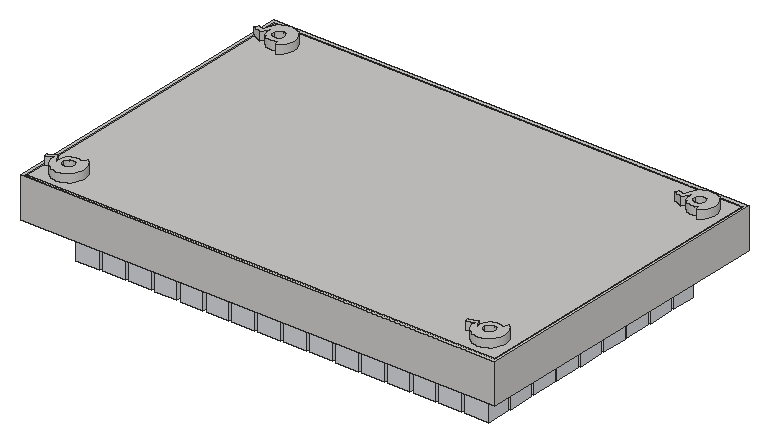
Revit family
Parameters
  Overall Width = if(W < 150.0 mm, 150.0 mm, if(W > 600.0 mm, 600.0 mm, W))  # 300.0 mm
  W = 300.0 mm
  URL = "http://www.productspec.net/products/30285/holyoake-industries/access-door-adc-2-adh-2.aspx"
  Type Comments = "Access Door"  # constant formula
  Nominal Width = Overall Width - 34.0 mm  # 266.0 mm
  Nominal Height = Overall Height - 34.0 mm  # 166.0 mm
  Model = "ADC-2"  # constant formula
  Manufacturer = "Holyoake Industries Ltd"  # constant formula
  Lock = Galvanised steel - Holyoake
  Insulation = Polyester - Holyoake
  Overall Height = if(H < 150.0 mm, 150.0 mm, if(H > 600.0 mm, 600.0 mm, H))  # 200.0 mm
  H = 200.0 mm
  Frame = Galvanised steel - Holyoake
  Exact Neck Width = Nominal Width - 5.0 mm  # 261.0 mm
  Exact Neck Height = Nominal Height - 5.0 mm  # 161.0 mm
  Engineering Data = "http://admin.productspec.net/nas/TechnicalFiles/2367/p30285/K11-K12%20ADC%20DUCTMATE%20MALCO.pdf"
  Description = ""
  Depth = 50.0 mm  # constant formula
  Created By = "Productspec Ltd"  # constant formula
  Author = "DZZ"  # constant formula
Reference planes
  plane 1 "Center (Front/Back)": y = 0
  plane 2 "Top": z = 0
  plane 3 "Center (Left/Right)": x = 0
  plane 4: x = -150
  plane 5: x = 150
  plane 6: y = 100
  plane 7: y = -100
  plane 8: x = -133
  plane 9: x = 133
  plane 10: y = 83
  plane 11: y = -83
  plane 12 "Insulation": z = -25
  plane 13 "Bottom": z = -50
  plane 14: x = -130.5
  plane 15: x = 130.5
  plane 16: y = 80.5
  plane 17: y = -80.5
Forms (mm)
  Extrusion 1, solid, material "Galvanised steel - Holyoake" <- "Frame"
    sketch origin (0, 0, -25) x (-1, 0, 0) y (0, -1, 0)
      loop
        line (150, -100) -> (150, 100) -> (-150, 100) -> (-150, -100) -> (150, -100)
      loop
        line (148, -98) -> (148, 98) -> (-148, 98) -> (-148, -98) -> (148, -98)
    from 0 to 25
  Extrusion 2, solid, material "Polyester - Holyoake" <- "Insulation", detail levels coarse
    sketch origin (0, 0, -50) x (-1, 0, 0) y (0, -1, 0)
      loop
        line (130.5, -80.5) -> (130.5, 80.5) -> (-130.5, 80.5) -> (-130.5, -80.5) -> (130.5, -80.5)
      loop
        line (115.5, -65.5) -> (115.5, 65.5) -> (-115.5, 65.5) -> (-115.5, -65.5) -> (115.5, -65.5)
    from 0 to 25
  Extrusion 3, solid, material "Galvanised steel - Holyoake" <- "Frame"
    sketch origin (0, 0, -25) x (-1, 0, 0) y (0, -1, 0)
      loop
        line (148, -98) -> (148, 98) -> (-148, 98) -> (-148, -98) -> (148, -98)
    from 0 to 25
  Extrusion 4, solid, material "Galvanised steel - Holyoake" <- "Lock", detail levels medium+fine
    sketch origin (0, 0, 0) x (1, 0, 0) y (0, 1, 0)
      loop
        line (123.006, 82.655) -> (119.053, 84.178) -> (118.096, 81.695) -> (123.606, 79.572) -> (126.365, 84.195)
        arc (126.365, 84.195) -> (129.099, 77.502) -> (136.32, 77.132) r 6.741
        line (136.32, 77.132) -> (137.924, 74.296)
        arc (137.924, 74.296) -> (137.888, 91.724) -> (123.006, 82.655) r 10
      loop
        arc (123.006, -82.655) -> (137.888, -91.724) -> (137.924, -74.296) r 10
        line (137.924, -74.296) -> (136.32, -77.132)
        arc (136.32, -77.132) -> (129.099, -77.502) -> (126.365, -84.195) r 6.741
        line (126.365, -84.195) -> (123.606, -79.572) -> (118.096, -81.695) -> (119.053, -84.178) -> (123.006, -82.655)
      loop
        line (-142.994, 82.655) -> (-146.947, 84.178) -> (-147.904, 81.695) -> (-142.394, 79.572) -> (-139.635, 84.195)
        arc (-139.635, 84.195) -> (-136.901, 77.502) -> (-129.68, 77.132) r 6.741
        line (-129.68, 77.132) -> (-128.076, 74.296)
        arc (-128.076, 74.296) -> (-128.112, 91.724) -> (-142.994, 82.655) r 10
      loop
        arc (-142.994, -82.655) -> (-128.112, -91.724) -> (-128.076, -74.296) r 10
        line (-128.076, -74.296) -> (-129.68, -77.132)
        arc (-129.68, -77.132) -> (-136.901, -77.502) -> (-139.635, -84.195) r 6.741
        line (-139.635, -84.195) -> (-142.394, -79.572) -> (-147.904, -81.695) -> (-146.947, -84.178) -> (-142.994, -82.655)
      loop
        circle (-133, 83) r 3.5
      loop
        circle (133, 83) r 3.5
      loop
        circle (133, -83) r 3.5
      loop
        circle (-133, -83) r 3.5
    from 0 to 5
Dimensions and locks
  equal spacing: plane 7, plane 1 "Center (Front/Back)", plane 6
  "Overall Height": plane 7 to plane 6
  equal spacing: plane 4, plane 3 "Center (Left/Right)", plane 5
  "Overall Width": plane 4 to plane 5
  Extrusion 1 sketch curve to Extrusion 1 sketch curve = 2.0 mm  (x4)
  locked: plane 4 to plane 8 at 17
  locked: plane 7 to plane 11 at 17
  equal spacing: plane 2 "Top", plane 12 "Insulation", plane 13 "Bottom"
  "Depth": plane 2 "Top" to plane 13 "Bottom"
  "Nominal Width": plane 8 to plane 9
  "Nominal Height": plane 11 to plane 10
  locked: plane 8 to plane 14 at 2.5
  locked: plane 11 to plane 17 at 2.5
  "Exact Neck Height": plane 17 to plane 16
  "Exact Neck Width": plane 14 to plane 15
  plane 8 to plane 4 = 17.0 mm
  aligned and locked: plane 4 to Extrusion 1 sketch curve
  aligned and locked: plane 6 to Extrusion 1 sketch curve
  aligned and locked: plane 7 to Extrusion 1 sketch curve
  aligned and locked: Extrusion 1 sketch curve to plane 5
  aligned and locked: Extrusion 1 to Extrusion 3 sketch curve
  aligned and locked: Extrusion 3 sketch curve to Extrusion 1  (x3)
  aligned and locked: plane 14 to nested 1
  aligned and locked: plane 17 to nested 1
  aligned and locked: plane 13 "Bottom" to nested 1
  aligned and locked: Extrusion 2 sketch curve to plane 17
  aligned and locked: Extrusion 2 sketch curve to plane 15
  aligned and locked: plane 16 to Extrusion 2 sketch curve
  aligned and locked: plane 14 to Extrusion 2 sketch curve
  aligned and locked: nested 1 to Extrusion 2 sketch curve  (x2)
  aligned and locked: Extrusion 2 sketch curve to nested 1  (x2)
Automatic sketch dimensions
  Extrusion 4 sketch curve to Extrusion 4 sketch curve = 0.0 mm  (x24)
  Extrusion 4 sketch curve to plane 8 = 0.0 mm  (x2)
  Extrusion 4 sketch curve to plane 9 = 0.0 mm  (x2)
  plane 11 to Extrusion 4 sketch curve = 0.0 mm  (x2)
  plane 10 to Extrusion 4 sketch curve = 0.0 mm  (x2)
  Extrusion 4 sketch curve to plane 10 = 1.195 mm  (x2)
  Extrusion 4 sketch curve to plane 8 = 6.635 mm  (x2)
  plane 11 to Extrusion 4 sketch curve = 1.195 mm  (x2)
  plane 10 to Extrusion 4 sketch curve = 3.428 mm  (x2)
  Extrusion 4 sketch curve to Extrusion 4 sketch curve = 2.759 mm  (x2)
  Extrusion 4 sketch curve to plane 11 = 3.428 mm  (x2)
  plane 10 to Extrusion 4 sketch curve = 0.345 mm  (x2)
  Extrusion 4 sketch curve to Extrusion 4 sketch curve = 0.6 mm  (x2)
  Extrusion 4 sketch curve to plane 11 = 0.345 mm  (x2)
  Extrusion 4 sketch curve to plane 10 = 1.178 mm  (x2)
  Extrusion 4 sketch curve to Extrusion 4 sketch curve = 3.953 mm  (x2)
  plane 11 to Extrusion 4 sketch curve = 1.178 mm  (x2)
  plane 8 to Extrusion 4 sketch curve = 3.32 mm  (x2)
  Extrusion 4 sketch curve to Extrusion 4 sketch curve = 1.605 mm  (x4)
  plane 10 to Extrusion 4 sketch curve = 1.305 mm
  Extrusion 4 sketch curve to plane 9 = 14.904 mm  (x2)
  Extrusion 4 sketch curve to plane 11 = 1.305 mm
  Extrusion 4 sketch curve to Extrusion 4 sketch curve = 0.957 mm  (x2)
  Extrusion 4 sketch curve to Extrusion 4 sketch curve = 3.359 mm  (x2)
  plane 9 to Extrusion 4 sketch curve = 3.32 mm  (x2)
  radius of Extrusion 4 sketch curve = 3.5 mm  (x4)
Nested families
  nested 1: "Holyoake_AccessDoor_ADC-2_Insulation" at (0, 17.5, 0), type "Holyoake_AccessDoor_ADC-2_Insulation", detail levels medium+fine
    with Exact Neck Width 261.0 mm, Exact Neck Height 161.0 mm, Array Number B 8, Array Number A 15
Connectors
  hvac at (0, 0, -50), driven by "Exact Neck Height", driven by "Exact Neck Width"
    settings: on Extrusion 2, index 1
Definition of nested family "Holyoake_AccessDoor_ADC-2_Insulation"
  Parameters (values of type "Holyoake_AccessDoor_ADC-2_Insulation")
    Exact Neck Width = 296.0 mm
    Exact Neck Height = 196.0 mm
    Assembly Code = ""
    Array Number B = (Exact Neck Height - 17.0 mm * 2) / 15.0 mm  # 11
    Array Number A = (Exact Neck Width - 17.0 mm * 2) / 15.0 mm  # 17
  Reference planes
    plane 1 "Center (Front/Back)": y = 0
    plane 2: z = 0
    plane 3 "Center (Left/Right)": x = 0
    plane 4: x = 148
    plane 5: x = -148
    plane 6: y = -98
    plane 7: y = 98
    plane 8: x = -133
    plane 9: x = 133
    plane 10: y = 83
    plane 11: y = -83
    plane 12 "Insulation": z = -25
    plane 13 "Bottom": z = -50
  Forms (mm)
    Extrusion 1, solid
      sketch origin (0, 0, -50) x (-1, 0, 0) y (0, -1, 0)
        loop
          line (133, -83) -> (133, 83) -> (-133, 83) -> (-133, -83) -> (133, -83)
        loop
          line (-148, 98) -> (-148, -98) -> (148, -98) -> (148, 98) -> (-148, 98)
      from 0 to 25
    Extrusion 2, void
      sketch origin (50, -25, -50) x (-1, 0, 0) y (0, -1, 0)
        loop
          line (-83, 73) -> (-83, 58) -> (-80.986, 58) -> (-80.986, 73) -> (-83, 73)
      from 0 to 20
    Extrusion 3, void
      sketch origin (-213.986, -25, -50) x (-1, 0, 0) y (0, -1, 0)
        loop
          line (-83, 73) -> (-83, 58) -> (-80.986, 58) -> (-80.986, 73) -> (-83, 73)
      from 0 to 20
    Extrusion 4, void
      sketch origin (50, -25, -50) x (-1, 0, 0) y (0, -1, 0)
        loop
          line (-83, 58) -> (-98, 58) -> (-98, 56.033) -> (-83, 56.033) -> (-83, 58)
      from 0 to 20
    Extrusion 5, void
      sketch origin (50, 139.033, -50) x (-1, 0, 0) y (0, -1, 0)
        loop
          line (-83, 58) -> (-98, 58) -> (-98, 56.033) -> (-83, 56.033) -> (-83, 58)
      from 0 to 20
    Extrusion 6, void
      sketch origin (33.501, -25, -50) x (-1, 0, 0) y (0, -1, 0)
        loop
          line (-83, 73) -> (-83, 58) -> (-80.986, 58) -> (-80.986, 73) -> (-83, 73)
      from 0 to 20
    Extrusion 7, void
      sketch origin (17.002, -25, -50) x (-1, 0, 0) y (0, -1, 0)
        loop
          line (-83, 73) -> (-83, 58) -> (-80.986, 58) -> (-80.986, 73) -> (-83, 73)
      from 0 to 20
    Extrusion 8, void
      sketch origin (0.503, -25, -50) x (-1, 0, 0) y (0, -1, 0)
        loop
          line (-83, 73) -> (-83, 58) -> (-80.986, 58) -> (-80.986, 73) -> (-83, 73)
      from 0 to 20
    Extrusion 9, void
      sketch origin (-15.997, -25, -50) x (-1, 0, 0) y (0, -1, 0)
        loop
          line (-83, 73) -> (-83, 58) -> (-80.986, 58) -> (-80.986, 73) -> (-83, 73)
      from 0 to 20
    Extrusion 10, void
      sketch origin (-32.496, -25, -50) x (-1, 0, 0) y (0, -1, 0)
        loop
          line (-83, 73) -> (-83, 58) -> (-80.986, 58) -> (-80.986, 73) -> (-83, 73)
      from 0 to 20
    Extrusion 11, void
      sketch origin (-48.995, -25, -50) x (-1, 0, 0) y (0, -1, 0)
        loop
          line (-83, 73) -> (-83, 58) -> (-80.986, 58) -> (-80.986, 73) -> (-83, 73)
      from 0 to 20
    Extrusion 12, void
      sketch origin (50, -8.597, -50) x (-1, 0, 0) y (0, -1, 0)
        loop
          line (-83, 58) -> (-98, 58) -> (-98, 56.033) -> (-83, 56.033) -> (-83, 58)
      from 0 to 20
    Extrusion 13, void
      sketch origin (50, 7.807, -50) x (-1, 0, 0) y (0, -1, 0)
        loop
          line (-83, 58) -> (-98, 58) -> (-98, 56.033) -> (-83, 56.033) -> (-83, 58)
      from 0 to 20
    Extrusion 14, void
      sketch origin (50, 24.21, -50) x (-1, 0, 0) y (0, -1, 0)
        loop
          line (-83, 58) -> (-98, 58) -> (-98, 56.033) -> (-83, 56.033) -> (-83, 58)
      from 0 to 20
    Extrusion 15, void
      sketch origin (50, 40.613, -50) x (-1, 0, 0) y (0, -1, 0)
        loop
          line (-83, 58) -> (-98, 58) -> (-98, 56.033) -> (-83, 56.033) -> (-83, 58)
      from 0 to 20
    Extrusion 16, void
      sketch origin (50, 57.016, -50) x (-1, 0, 0) y (0, -1, 0)
        loop
          line (-83, 58) -> (-98, 58) -> (-98, 56.033) -> (-83, 56.033) -> (-83, 58)
      from 0 to 20
    Extrusion 17, void
      sketch origin (50, 73.42, -50) x (-1, 0, 0) y (0, -1, 0)
        loop
          line (-83, 58) -> (-98, 58) -> (-98, 56.033) -> (-83, 56.033) -> (-83, 58)
      from 0 to 20
    Extrusion 18, void
      sketch origin (50, 25, -50) x (-1, 0, 0) y (0, -1, 0)
        loop
          line (-83, -58) -> (-83, -73) -> (-81, -73) -> (-81, -58) -> (-83, -58)
      from 0 to 20
    Extrusion 19, void
      sketch origin (-214, 25, -50) x (-1, 0, 0) y (0, -1, 0)
        loop
          line (-83, -58) -> (-83, -73) -> (-81, -73) -> (-81, -58) -> (-83, -58)
      from 0 to 20
    Extrusion 20, void
      sketch origin (33.5, 25, -50) x (-1, 0, 0) y (0, -1, 0)
        loop
          line (-83, -58) -> (-83, -73) -> (-81, -73) -> (-81, -58) -> (-83, -58)
      from 0 to 20
    Extrusion 21, void
      sketch origin (17, 25, -50) x (-1, 0, 0) y (0, -1, 0)
        loop
          line (-83, -58) -> (-83, -73) -> (-81, -73) -> (-81, -58) -> (-83, -58)
      from 0 to 20
    Extrusion 22, void
      sketch origin (0.5, 25, -50) x (-1, 0, 0) y (0, -1, 0)
        loop
          line (-83, -58) -> (-83, -73) -> (-81, -73) -> (-81, -58) -> (-83, -58)
      from 0 to 20
    Extrusion 23, void
      sketch origin (-16, 25, -50) x (-1, 0, 0) y (0, -1, 0)
        loop
          line (-83, -58) -> (-83, -73) -> (-81, -73) -> (-81, -58) -> (-83, -58)
      from 0 to 20
    Extrusion 24, void
      sketch origin (-32.5, 25, -50) x (-1, 0, 0) y (0, -1, 0)
        loop
          line (-83, -58) -> (-83, -73) -> (-81, -73) -> (-81, -58) -> (-83, -58)
      from 0 to 20
    Extrusion 25, void
      sketch origin (-49, 25, -50) x (-1, 0, 0) y (0, -1, 0)
        loop
          line (-83, -58) -> (-83, -73) -> (-81, -73) -> (-81, -58) -> (-83, -58)
      from 0 to 20
    Extrusion 26, void
      sketch origin (-50, -25, -50) x (-1, 0, 0) y (0, -1, 0)
        loop
          line (83, 58) -> (83, 56) -> (98, 56) -> (98, 58) -> (83, 58)
      from 0 to 20
    Extrusion 27, void
      sketch origin (-50, 139, -50) x (-1, 0, 0) y (0, -1, 0)
        loop
          line (83, 58) -> (83, 56) -> (98, 56) -> (98, 58) -> (83, 58)
      from 0 to 20
    Extrusion 28, void
      sketch origin (-65.494, -25, -50) x (-1, 0, 0) y (0, -1, 0)
        loop
          line (-83, 73) -> (-83, 58) -> (-80.986, 58) -> (-80.986, 73) -> (-83, 73)
      from 0 to 20
    Extrusion 29, void
      sketch origin (-81.993, -25, -50) x (-1, 0, 0) y (0, -1, 0)
        loop
          line (-83, 73) -> (-83, 58) -> (-80.986, 58) -> (-80.986, 73) -> (-83, 73)
      from 0 to 20
    Extrusion 30, void
      sketch origin (-65.5, 25, -50) x (-1, 0, 0) y (0, -1, 0)
        loop
          line (-83, -58) -> (-83, -73) -> (-81, -73) -> (-81, -58) -> (-83, -58)
      from 0 to 20
    Extrusion 31, void
      sketch origin (-82, 25, -50) x (-1, 0, 0) y (0, -1, 0)
        loop
          line (-83, -58) -> (-83, -73) -> (-81, -73) -> (-81, -58) -> (-83, -58)
      from 0 to 20
    Extrusion 32, void
      sketch origin (-50, -8.6, -50) x (-1, 0, 0) y (0, -1, 0)
        loop
          line (83, 58) -> (83, 56) -> (98, 56) -> (98, 58) -> (83, 58)
      from 0 to 20
    Extrusion 33, void
      sketch origin (-50, 7.8, -50) x (-1, 0, 0) y (0, -1, 0)
        loop
          line (83, 58) -> (83, 56) -> (98, 56) -> (98, 58) -> (83, 58)
      from 0 to 20
    Extrusion 34, void
      sketch origin (-50, 24.2, -50) x (-1, 0, 0) y (0, -1, 0)
        loop
          line (83, 58) -> (83, 56) -> (98, 56) -> (98, 58) -> (83, 58)
      from 0 to 20
    Extrusion 35, void
      sketch origin (-50, 40.6, -50) x (-1, 0, 0) y (0, -1, 0)
        loop
          line (83, 58) -> (83, 56) -> (98, 56) -> (98, 58) -> (83, 58)
      from 0 to 20
    Extrusion 36, void
      sketch origin (-50, 57, -50) x (-1, 0, 0) y (0, -1, 0)
        loop
          line (83, 58) -> (83, 56) -> (98, 56) -> (98, 58) -> (83, 58)
      from 0 to 20
    Extrusion 37, void
      sketch origin (-50, 73.4, -50) x (-1, 0, 0) y (0, -1, 0)
        loop
          line (83, 58) -> (83, 56) -> (98, 56) -> (98, 58) -> (83, 58)
      from 0 to 20
    Extrusion 38, void
      sketch origin (-98.492, -25, -50) x (-1, 0, 0) y (0, -1, 0)
        loop
          line (-83, 73) -> (-83, 58) -> (-80.986, 58) -> (-80.986, 73) -> (-83, 73)
      from 0 to 20
    Extrusion 39, void
      sketch origin (-98.5, 25, -50) x (-1, 0, 0) y (0, -1, 0)
        loop
          line (-83, -58) -> (-83, -73) -> (-81, -73) -> (-81, -58) -> (-83, -58)
      from 0 to 20
    Extrusion 40, void
      sketch origin (-114.992, -25, -50) x (-1, 0, 0) y (0, -1, 0)
        loop
          line (-83, 73) -> (-83, 58) -> (-80.986, 58) -> (-80.986, 73) -> (-83, 73)
      from 0 to 20
    Extrusion 41, void
      sketch origin (-131.491, -25, -50) x (-1, 0, 0) y (0, -1, 0)
        loop
          line (-83, 73) -> (-83, 58) -> (-80.986, 58) -> (-80.986, 73) -> (-83, 73)
      from 0 to 20
    Extrusion 42, void
      sketch origin (-147.99, -25, -50) x (-1, 0, 0) y (0, -1, 0)
        loop
          line (-83, 73) -> (-83, 58) -> (-80.986, 58) -> (-80.986, 73) -> (-83, 73)
      from 0 to 20
    Extrusion 43, void
      sketch origin (-164.489, -25, -50) x (-1, 0, 0) y (0, -1, 0)
        loop
          line (-83, 73) -> (-83, 58) -> (-80.986, 58) -> (-80.986, 73) -> (-83, 73)
      from 0 to 20
    Extrusion 44, void
      sketch origin (-180.988, -25, -50) x (-1, 0, 0) y (0, -1, 0)
        loop
          line (-83, 73) -> (-83, 58) -> (-80.986, 58) -> (-80.986, 73) -> (-83, 73)
      from 0 to 20
    Extrusion 45, void
      sketch origin (-197.487, -25, -50) x (-1, 0, 0) y (0, -1, 0)
        loop
          line (-83, 73) -> (-83, 58) -> (-80.986, 58) -> (-80.986, 73) -> (-83, 73)
      from 0 to 20
    Extrusion 46, void
      sketch origin (50, 89.823, -50) x (-1, 0, 0) y (0, -1, 0)
        loop
          line (-83, 58) -> (-98, 58) -> (-98, 56.033) -> (-83, 56.033) -> (-83, 58)
      from 0 to 20
    Extrusion 47, void
      sketch origin (50, 106.226, -50) x (-1, 0, 0) y (0, -1, 0)
        loop
          line (-83, 58) -> (-98, 58) -> (-98, 56.033) -> (-83, 56.033) -> (-83, 58)
      from 0 to 20
    Extrusion 48, void
      sketch origin (50, 122.629, -50) x (-1, 0, 0) y (0, -1, 0)
        loop
          line (-83, 58) -> (-98, 58) -> (-98, 56.033) -> (-83, 56.033) -> (-83, 58)
      from 0 to 20
    Extrusion 49, void
      sketch origin (-115, 25, -50) x (-1, 0, 0) y (0, -1, 0)
        loop
          line (-83, -58) -> (-83, -73) -> (-81, -73) -> (-81, -58) -> (-83, -58)
      from 0 to 20
    Extrusion 50, void
      sketch origin (-131.5, 25, -50) x (-1, 0, 0) y (0, -1, 0)
        loop
          line (-83, -58) -> (-83, -73) -> (-81, -73) -> (-81, -58) -> (-83, -58)
      from 0 to 20
    Extrusion 51, void
      sketch origin (-148, 25, -50) x (-1, 0, 0) y (0, -1, 0)
        loop
          line (-83, -58) -> (-83, -73) -> (-81, -73) -> (-81, -58) -> (-83, -58)
      from 0 to 20
    Extrusion 52, void
      sketch origin (-164.5, 25, -50) x (-1, 0, 0) y (0, -1, 0)
        loop
          line (-83, -58) -> (-83, -73) -> (-81, -73) -> (-81, -58) -> (-83, -58)
      from 0 to 20
    Extrusion 53, void
      sketch origin (-181, 25, -50) x (-1, 0, 0) y (0, -1, 0)
        loop
          line (-83, -58) -> (-83, -73) -> (-81, -73) -> (-81, -58) -> (-83, -58)
      from 0 to 20
    Extrusion 54, void
      sketch origin (-197.5, 25, -50) x (-1, 0, 0) y (0, -1, 0)
        loop
          line (-83, -58) -> (-83, -73) -> (-81, -73) -> (-81, -58) -> (-83, -58)
      from 0 to 20
    Extrusion 55, void
      sketch origin (-50, 89.8, -50) x (-1, 0, 0) y (0, -1, 0)
        loop
          line (83, 58) -> (83, 56) -> (98, 56) -> (98, 58) -> (83, 58)
      from 0 to 20
    Extrusion 56, void
      sketch origin (-50, 106.2, -50) x (-1, 0, 0) y (0, -1, 0)
        loop
          line (83, 58) -> (83, 56) -> (98, 56) -> (98, 58) -> (83, 58)
      from 0 to 20
    Extrusion 57, void
      sketch origin (-50, 122.6, -50) x (-1, 0, 0) y (0, -1, 0)
        loop
          line (83, 58) -> (83, 56) -> (98, 56) -> (98, 58) -> (83, 58)
      from 0 to 20
  Cuts and joins
    Extrusion 2, Extrusion 3, Extrusion 4, Extrusion 5, Extrusion 6, Extrusion 7, Extrusion 8, Extrusion 9, Extrusion 10, Extrusion 11, Extrusion 12, Extrusion 13, Extrusion 14, Extrusion 15, Extrusion 16, Extrusion 17, Extrusion 18, Extrusion 19, Extrusion 20, Extrusion 21, Extrusion 22, Extrusion 23, Extrusion 24, Extrusion 25, Extrusion 26, Extrusion 27, Extrusion 28, Extrusion 29, Extrusion 30, Extrusion 31, Extrusion 32, Extrusion 33, Extrusion 34, Extrusion 35, Extrusion 36, Extrusion 37, Extrusion 38, Extrusion 39, Extrusion 40, Extrusion 41, Extrusion 42, Extrusion 43, Extrusion 44, Extrusion 45, Extrusion 46, Extrusion 47, Extrusion 48, Extrusion 49, Extrusion 50, Extrusion 51, Extrusion 52, Extrusion 53, Extrusion 54, Extrusion 55, Extrusion 56, Extrusion 57 cuts Extrusion 1
  Dimensions and locks
    "Exact Neck Width": plane 5 to plane 4
    "Exact Neck Height": plane 6 to plane 7
    plane 2 to plane 12 "Insulation" to plane 13 "Bottom" = 25.0 mm locked, 25.0 mm locked
    locked: plane 5 to plane 8 at 15
    locked: plane 6 to plane 11 at 15
    equal spacing: group 2, group 44, group 43, group 42, group 41, group 40, group 39, group 37, group 28, group 27, group 10, group 9, group 8, group 7, group 6, group 5, group 1
    equal spacing: group 1, group 5, group 6, group 7, group 8, group 9, group 10, group 27, group 28, group 37, group 39, group 40, group 41, group 42, group 43, group 44, group 2  (x2)
    locked: Extrusion 4 sketch curve to Extrusion 4 sketch curve at 1.967
    locked: Extrusion 5 sketch curve to Extrusion 5 sketch curve at 1.967
    equal spacing: group 3, group 11, group 12, group 13, group 14, group 15, group 16, group 45, group 46, group 47, group 4  (x3)
    locked: Extrusion 12 sketch curve to Extrusion 12 sketch curve at 1.967
    locked: Extrusion 13 sketch curve to Extrusion 13 sketch curve at 1.967
    locked: Extrusion 14 sketch curve to Extrusion 14 sketch curve at 1.967
    locked: Extrusion 15 sketch curve to Extrusion 15 sketch curve at 1.967
    locked: Extrusion 16 sketch curve to Extrusion 16 sketch curve at 1.967
    locked: Extrusion 17 sketch curve to Extrusion 17 sketch curve at 1.967
    locked: Extrusion 18 sketch curve to Extrusion 18 sketch curve at 2
    locked: Extrusion 19 sketch curve to Extrusion 19 sketch curve at 2
    equal spacing: group 18, group 53, group 52, group 51, group 50, group 49, group 48, group 38, group 30, group 29, group 24, group 23, group 22, group 21, group 20, group 19, group 17
    equal spacing: group 17, group 19, group 20, group 21, group 22, group 23, group 24, group 29, group 30, group 38, group 48, group 49, group 50, group 51, group 52, group 53, group 18  (x2)
    locked: Extrusion 20 sketch curve to Extrusion 20 sketch curve at 2
    locked: Extrusion 21 sketch curve to Extrusion 21 sketch curve at 2
    locked: Extrusion 22 sketch curve to Extrusion 22 sketch curve at 2
    locked: Extrusion 23 sketch curve to Extrusion 23 sketch curve at 2
    locked: Extrusion 24 sketch curve to Extrusion 24 sketch curve at 2
    locked: Extrusion 25 sketch curve to Extrusion 25 sketch curve at 2
    locked: Extrusion 26 sketch curve to Extrusion 26 sketch curve at 2
    locked: Extrusion 27 sketch curve to Extrusion 27 sketch curve at 2
    equal spacing: group 25, group 31, group 32, group 33, group 34, group 35, group 36, group 54, group 55, group 56, group 26  (x3)
    locked: Extrusion 30 sketch curve to Extrusion 30 sketch curve at 2
    locked: Extrusion 31 sketch curve to Extrusion 31 sketch curve at 2
    locked: Extrusion 32 sketch curve to Extrusion 32 sketch curve at 2
    locked: Extrusion 33 sketch curve to Extrusion 33 sketch curve at 2
    locked: Extrusion 34 sketch curve to Extrusion 34 sketch curve at 2
    locked: Extrusion 35 sketch curve to Extrusion 35 sketch curve at 2
    locked: Extrusion 36 sketch curve to Extrusion 36 sketch curve at 2
    locked: Extrusion 37 sketch curve to Extrusion 37 sketch curve at 2
    locked: Extrusion 39 sketch curve to Extrusion 39 sketch curve at 2
    locked: Extrusion 46 sketch curve to Extrusion 46 sketch curve at 1.967
    locked: Extrusion 47 sketch curve to Extrusion 47 sketch curve at 1.967
    locked: Extrusion 48 sketch curve to Extrusion 48 sketch curve at 1.967
    locked: Extrusion 49 sketch curve to Extrusion 49 sketch curve at 2
    locked: Extrusion 50 sketch curve to Extrusion 50 sketch curve at 2
    locked: Extrusion 51 sketch curve to Extrusion 51 sketch curve at 2
    locked: Extrusion 52 sketch curve to Extrusion 52 sketch curve at 2
    locked: Extrusion 53 sketch curve to Extrusion 53 sketch curve at 2
    locked: Extrusion 54 sketch curve to Extrusion 54 sketch curve at 2
    locked: Extrusion 55 sketch curve to Extrusion 55 sketch curve at 2
    locked: Extrusion 56 sketch curve to Extrusion 56 sketch curve at 2
    locked: Extrusion 57 sketch curve to Extrusion 57 sketch curve at 2
    locked: plane 10 to plane 7 at 15
    locked: plane 9 to plane 4 at 15
    equal spacing: plane 5, plane 3 "Center (Left/Right)", plane 4
    aligned and locked: plane 8 to Extrusion 1 sketch curve
    aligned and locked: plane 10 to Extrusion 1 sketch curve
    aligned and locked: plane 11 to Extrusion 1 sketch curve
    aligned and locked: Extrusion 1 sketch curve to plane 9
    aligned and locked: Extrusion 2 to plane 11
    aligned and locked: Extrusion 3 to plane 11
    aligned and locked: plane 9 to Extrusion 2
    aligned and locked: Extrusion 3 to plane 8
    aligned and locked: plane 11 to Extrusion 4
    aligned and locked: Extrusion 5 to plane 10
    aligned and locked: Extrusion 5 to plane 9
    aligned and locked: Extrusion 4 to plane 9
    aligned and locked: plane 9 to Extrusion 18
    aligned and locked: Extrusion 19 to plane 8
    aligned and locked: plane 10 to Extrusion 19
    aligned and locked: plane 10 to Extrusion 18
    aligned and locked: plane 11 to Extrusion 26
    aligned and locked: Extrusion 27 to plane 10
    aligned and locked: plane 8 to Extrusion 26
    aligned and locked: plane 8 to Extrusion 27
    aligned and locked: Extrusion 1 sketch curve to plane 7
    aligned and locked: Extrusion 1 sketch curve to plane 5
    aligned and locked: plane 6 to Extrusion 1 sketch curve
    aligned and locked: plane 4 to Extrusion 1 sketch curve
  Automatic sketch dimensions
    Extrusion 2 sketch curve to Extrusion 2 sketch curve = 2.014 mm
    Extrusion 2 sketch curve to Extrusion 2 sketch curve = 15.0 mm
    Extrusion 3 sketch curve to Extrusion 3 sketch curve = 2.014 mm
    Extrusion 3 sketch curve to Extrusion 3 sketch curve = 15.0 mm
    Extrusion 4 sketch curve to Extrusion 4 sketch curve = 15.0 mm
    Extrusion 5 sketch curve to Extrusion 5 sketch curve = 15.0 mm
    Extrusion 6 sketch curve to Extrusion 6 sketch curve = 2.014 mm
    Extrusion 6 sketch curve to Extrusion 6 sketch curve = 15.0 mm
    Extrusion 7 sketch curve to Extrusion 7 sketch curve = 2.014 mm
    Extrusion 7 sketch curve to Extrusion 7 sketch curve = 15.0 mm
    Extrusion 8 sketch curve to Extrusion 8 sketch curve = 2.014 mm
    Extrusion 8 sketch curve to Extrusion 8 sketch curve = 15.0 mm
    Extrusion 9 sketch curve to Extrusion 9 sketch curve = 2.014 mm
    Extrusion 9 sketch curve to Extrusion 9 sketch curve = 15.0 mm
    Extrusion 10 sketch curve to Extrusion 10 sketch curve = 2.014 mm
    Extrusion 10 sketch curve to Extrusion 10 sketch curve = 15.0 mm
    Extrusion 11 sketch curve to Extrusion 11 sketch curve = 2.014 mm
    Extrusion 11 sketch curve to Extrusion 11 sketch curve = 15.0 mm
    Extrusion 12 sketch curve to Extrusion 12 sketch curve = 15.0 mm
    Extrusion 13 sketch curve to Extrusion 13 sketch curve = 15.0 mm
    Extrusion 14 sketch curve to Extrusion 14 sketch curve = 15.0 mm
    Extrusion 15 sketch curve to Extrusion 15 sketch curve = 15.0 mm
    Extrusion 16 sketch curve to Extrusion 16 sketch curve = 15.0 mm
    Extrusion 17 sketch curve to Extrusion 17 sketch curve = 15.0 mm
    Extrusion 18 sketch curve to Extrusion 18 sketch curve = 15.0 mm
    Extrusion 19 sketch curve to Extrusion 19 sketch curve = 15.0 mm
    Extrusion 20 sketch curve to Extrusion 20 sketch curve = 15.0 mm
    Extrusion 21 sketch curve to Extrusion 21 sketch curve = 15.0 mm
    Extrusion 22 sketch curve to Extrusion 22 sketch curve = 15.0 mm
    Extrusion 23 sketch curve to Extrusion 23 sketch curve = 15.0 mm
    Extrusion 24 sketch curve to Extrusion 24 sketch curve = 15.0 mm
    Extrusion 25 sketch curve to Extrusion 25 sketch curve = 15.0 mm
    Extrusion 26 sketch curve to Extrusion 26 sketch curve = 15.0 mm
    Extrusion 27 sketch curve to Extrusion 27 sketch curve = 15.0 mm
    Extrusion 28 sketch curve to Extrusion 28 sketch curve = 2.014 mm
    Extrusion 28 sketch curve to Extrusion 28 sketch curve = 15.0 mm
    Extrusion 29 sketch curve to Extrusion 29 sketch curve = 2.014 mm
    Extrusion 29 sketch curve to Extrusion 29 sketch curve = 15.0 mm
    Extrusion 30 sketch curve to Extrusion 30 sketch curve = 15.0 mm
    Extrusion 31 sketch curve to Extrusion 31 sketch curve = 15.0 mm
    Extrusion 32 sketch curve to Extrusion 32 sketch curve = 15.0 mm
    Extrusion 33 sketch curve to Extrusion 33 sketch curve = 15.0 mm
    Extrusion 34 sketch curve to Extrusion 34 sketch curve = 15.0 mm
    Extrusion 35 sketch curve to Extrusion 35 sketch curve = 15.0 mm
    Extrusion 36 sketch curve to Extrusion 36 sketch curve = 15.0 mm
    Extrusion 37 sketch curve to Extrusion 37 sketch curve = 15.0 mm
    Extrusion 38 sketch curve to Extrusion 38 sketch curve = 2.014 mm
    Extrusion 38 sketch curve to Extrusion 38 sketch curve = 15.0 mm
    Extrusion 39 sketch curve to Extrusion 39 sketch curve = 15.0 mm
    Extrusion 40 sketch curve to Extrusion 40 sketch curve = 2.014 mm
    Extrusion 40 sketch curve to Extrusion 40 sketch curve = 15.0 mm
    Extrusion 41 sketch curve to Extrusion 41 sketch curve = 2.014 mm
    Extrusion 41 sketch curve to Extrusion 41 sketch curve = 15.0 mm
    Extrusion 42 sketch curve to Extrusion 42 sketch curve = 2.014 mm
    Extrusion 42 sketch curve to Extrusion 42 sketch curve = 15.0 mm
    Extrusion 43 sketch curve to Extrusion 43 sketch curve = 2.014 mm
    Extrusion 43 sketch curve to Extrusion 43 sketch curve = 15.0 mm
    Extrusion 44 sketch curve to Extrusion 44 sketch curve = 2.014 mm
    Extrusion 44 sketch curve to Extrusion 44 sketch curve = 15.0 mm
    Extrusion 45 sketch curve to Extrusion 45 sketch curve = 2.014 mm
    Extrusion 45 sketch curve to Extrusion 45 sketch curve = 15.0 mm
    Extrusion 46 sketch curve to Extrusion 46 sketch curve = 15.0 mm
    Extrusion 47 sketch curve to Extrusion 47 sketch curve = 15.0 mm
    Extrusion 48 sketch curve to Extrusion 48 sketch curve = 15.0 mm
    Extrusion 49 sketch curve to Extrusion 49 sketch curve = 15.0 mm
    Extrusion 50 sketch curve to Extrusion 50 sketch curve = 15.0 mm
    Extrusion 51 sketch curve to Extrusion 51 sketch curve = 15.0 mm
    Extrusion 52 sketch curve to Extrusion 52 sketch curve = 15.0 mm
    Extrusion 53 sketch curve to Extrusion 53 sketch curve = 15.0 mm
    Extrusion 54 sketch curve to Extrusion 54 sketch curve = 15.0 mm
    Extrusion 55 sketch curve to Extrusion 55 sketch curve = 15.0 mm
    Extrusion 56 sketch curve to Extrusion 56 sketch curve = 15.0 mm
    Extrusion 57 sketch curve to Extrusion 57 sketch curve = 15.0 mm
